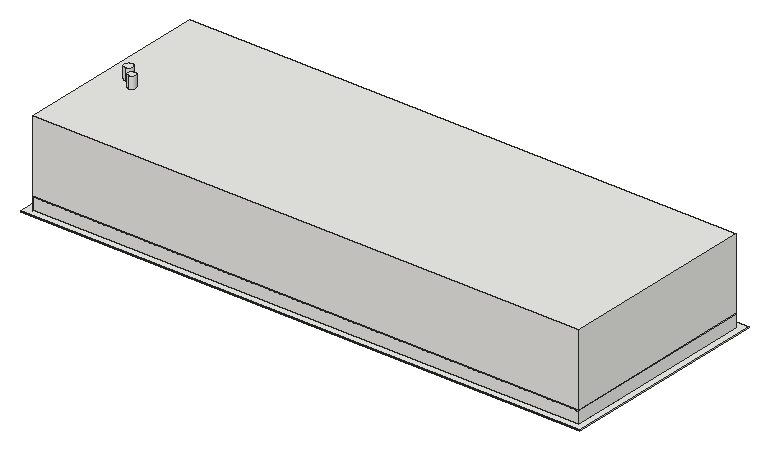
Revit family "AIRTECNICS_AIR CURTAIN_RECESSED WINDBOX_MG_DX-VRF_(MITSUBISHI ELECTRIC)_0", category Mechanical Equipment, Revit 2016
Family settings
  Part Type = Normal
  Round Connector Dimension = Use Diameter
  OmniClass Number = 23.75.70.21.17
  OmniClass Title = Air Curtains
  Work Plane-Based = No
  Always vertical = Yes
  Cut with Voids When Loaded = No
  Shared = No
  Room Calculation Point = No
Parameters (values of type "WINDBOX RECM 2000 DX16-ME")
  · PIPES POSITION · [instance] = "-/ Select Pipes Position /-"  # constant formula
  · OTHERS · [instance] = "-/ Select Supports - Inst.Maint. Space /-"  # constant formula
  · HEATING · = "-/ Heating /-"  # constant formula
  · EXTERNAL UNIT · [instance] = "-/ External Unit Type /-"  # constant formula
  · COIL ROWS · = "-/ DX Coil Rows /-"  # constant formula
  Weight [instance] = size_lookup(Name_Lookup_Data, "Weight", 1.00 kg, CM, CT, CH, CR, CDX)  # 122.00 kg
  Voltage [instance] = 230 V  # constant formula
  URL_Manufacturer = "https://www.airtecnics.com"
  URL_Datasheet = "https://www.airtecnics.com/download/file/5891/recessed-windbox-dx-mitsubishi-electric-1-1-and-vrf.pdf"
  Triple Phase (External Ut.) [instance] = yes
  Supports Length [instance] = 500.0 mm
  Supports (Horizontal) [instance] = no
  Single Phase (External Ut.) [instance] = not([Triple Phase (External Ut.)])  # no
  Revit Version = "Revit 2016 - English"  # constant formula
  Review Date = "11/18"  # constant formula
  Remote Control = "-"  # constant formula
  Refrigerant Pipes_P4 [instance] = no
  Refrigerant Pipes_P3 [instance] = no
  Refrigerant Pipes_P2 [instance] = if(CW = 0, 1 = 1, 1 = 0)  # yes
  Refrigerant Pipes_P1 [instance] = no
  Product Size = if(CT = 2, "1000", if(CT = 4, "1500", if(CT = 8, "2000", if(CT = 16, "2500", if(CT = 32, "3000", "Consult Manufacturer")))))  # "2000"
  Product Reference [instance] = size_lookup(Name_Lookup_Ref, "", "Consult Manufacturer", CM, CT, CH, CR, CDX)  # "RECM 2000 DX16-ME"
  Product Heating [instance] = if(DX 1:1, "Direct Expansion 1:1 system", "Direct Expansion VRF system")  # "Direct Expansion 1:1 system"
  Product Description [instance] = size_lookup(Name_Lookup_Data, "", "Consult Manufacturer", CM, CT, CH, CR, CDX)  # "Energy saving heat pump air curtain: Up to 70% reduction in costs and CO2 emissions (heating mode).\r\nSelf-supporting casing construction made of galvanized steel plate, ready to be installed recessed in a false ceiling. \r\nInlet grille (free of maintenance) made with aluminium profiles and blow-out nozzle, integrated in a single white frame colour RAL 9016. Other colours are available on request.  Internal prefilter included.\r\nAnodized aluminium outlet vanes, airfoil shaped, adjustable in both directions.\r\nDouble-inlet centrifugal fans driven by an external rotor motor and low noise level. 5-speed selector. EC models assembled with very low consumption efficiency fans. \r\nIncludes only heating direct expansion coil with installed temperature sensors. Under request it can be modified to work in cooling and heating mode (not recomended) with optional condensate water pump.\r\nPlug&Play control panel CS-5DX-NE slave DX with 5 speeds selector and 7m telephone cable included.\r\nReady to connect to MITSUBISHI ELECTRIC Standard and Power Inverter outdoor heat pump unit (R410A) with expansion valve, not included, the customer should purchase it.\r\nRequires PAC-IF012B-E MITSUBISHI ELECTRIC DX Interface KIT adapted for air curtain and PAR-33MAA programmable control, please consult.\r\nAir Volume: 3280 m3/h \r\nFans:  0,284 kW  2,48 A 230Vx1 50/60Hz\r\nHeating capacity: 16,00 kW\r\nDimensions: 770x310x2050 mm (depth, height, length)\r\nNOT SUPPLIED BY AIRTÈCNICS:\r\nPAC-IF012B-E Interface DX kit and PAR-33MAA programmable control.\r\nExternal unit:\r\nOption 1: PUHZ-ZRP140VKA\r\nExternal unit with direct expansion valve Mitsubishi Electric, single phase motor 230Vx1 50Hz.\r\nHeating capacity 16kW. Heating power: 4,2kW. COP 3,81.\r\nCooling capacity 13,4kW. Cooling power 4,36kW. EER 3,07.\r\nCooling circuits 5/8\" - 3/8\".\r\nMaximum length 75m.\r\nDesnivell màxim 30m.\r\nOption 2: PUHZ-ZRP140YKA\r\nExternal unit with direct expansion valve Mitsubishi Electric, triple phase motor 400Vx3 50Hz.\r\nHeating capacity 16kW. Heating power: 4,2kW. COP 3,81.\r\nCooling capacity 13,4kW. Cooling power 4,36kW. EER 3,07.\r\nCooling circuits 5/8\" - 3/8\".\r\nMaximum length 75m.\r\nDesnivell màxim 30m."
  Power Fans Factor [instance] = size_lookup(Name_Lookup_Data, "Power Fans Factor", 1, CM, CT, CH, CR, CDX)  # 0.5
  Power Fans [instance] = size_lookup(Name_Lookup_Data, "Power Fans", 1 kW, CM, CT, CH, CR, CDX)  # 0.284 kW
  Noise Level (dB(A)) [instance] = size_lookup(Name_Lookup_Data, "Noise Level (dB(A))", 1, CM, CT, CH, CR, CDX)  # 58
  Name_Lookup_Ref_EU = "R_WINDBOX_MG_(DX)_ME_Ref_EU_Lookup"  # constant formula
  Name_Lookup_Ref = "R_WINDBOX_MG_(DX)_ME_Ref_Lookup"  # constant formula
  Name_Lookup_Data4 = "R_WINDBOX_MG_(DX)_ME_DXkit_Lookup"  # constant formula
  Name_Lookup_Data3 = "R_WINDBOX_MG_(DX)_ME_ExpValve_Lookup"  # constant formula
  Name_Lookup_Data2 = "R_WINDBOX_MG_(DX)_ME_Mainfolds_Lookup"  # constant formula
  Name_Lookup_Data = "R_WINDBOX_MG_(DX)_ME_Data_Lookup"  # constant formula
  Material Inlet Grille [instance] = AIRTECNICS_White RAL 9016
  Material Curtain [instance] = AIRTECNICS_White RAL 9016
  Mainfolds [instance] = size_lookup(Name_Lookup_Data2, "", "Consult Manufacturer", CM, CT, CH, CR, CDX)  # "5/8 & 3/8"
  M = yes
  Length = if(CT = 2, 1050.0 mm, if(CT = 4, 1550.0 mm, if(CT = 8, 2050.0 mm, if(CT = 16, 2550.0 mm, L + 50.0 mm))))  # 2050.0 mm
  IfcExportType = "DXCOOLINGCOIL"  # constant formula
  IfcExportAs = "IfcCoilType"  # constant formula
  Height = 310.0 mm  # constant formula
  Heating Capacity [instance] = size_lookup(Name_Lookup_Data, "Heating Capacity", 1 kW, CM, CT, CH, CR, CDX)  # 16 kW
  Gas Coil Volume [instance] = size_lookup(Name_Lookup_Data, "Gas Coil Volume", 1.00 L, CM, CT, CH, CR, CDX)  # 3.10 L
  G = no
  Frequency = 50 Hz  # constant formula
  Fans Stage = 5  # constant formula
  Family Version = "1.0"  # constant formula
  External Ut. Reference [instance] = size_lookup(Name_Lookup_Ref_EU, "", "Consult Manufacturer", CM, CT, CH, CR, CEU, CDX)  # "PUHZ-ZRP140YKA"
  Expansion Valve [instance] = size_lookup(Name_Lookup_Data3, "", "Consult Manufacturer", CM, CT, CH, CR, CDX)  # "Included on External Unit"
  EC = yes
  Dn_Metric_Refrig_Liquid [instance] = size_lookup(Name_Lookup_Data2, "Dn_Liquid", 1 mm, CM, CT, CH, CR, CDX)  # 10 mm
  Dn_Metric_Refrig_Gas [instance] = size_lookup(Name_Lookup_Data2, "Dn_Gas", 1 mm, CM, CT, CH, CR, CDX)  # 16 mm
  Depth = 770.0 mm  # constant formula
  DX VRF = not(DX 1:1)  # no
  DX Kit [instance] = size_lookup(Name_Lookup_Data4, "", "Consult Manufacturer", CM, CT, CH, CR, CDX)  # "PAC-IF012B-E"
  DX Controller [instance] = "PAR-33MAA"  # constant formula
  DX Coil Rows = 4 = no
  DX Coil Rows = 3 = not([DX Coil Rows = 4])  # yes
  DX Coil Rows [instance] = if(CR = 2, 4, if(CR = 4, 3, if(CR = 0, 2, 0)))  # 3
  DX 1:1 = yes
  Current Fans [instance] = size_lookup(Name_Lookup_Data, "Current Fans", 1 A, CM, CT, CH, CR, CDX)  # 2.48 A
  Created by = "BIMETRICAL"  # constant formula
  Control [instance] = "CS-5DX-NE"  # constant formula
  Capacity_Frig_Liquid [instance] = 0 m³/h
  Capacity_Frig_Gas [instance] = 0 m³/h
  Cable = "CB7"  # constant formula
  URL = "https://www.airtecnics.com/products/heat-pump-air-curtain-recessed-windbox-for-mitsubishi-electric"
  Model = "Air Curtain Recessed Windbox M,G DX/VRF ME"  # constant formula
  L = 2000.0 mm
  Type Image = <None>
  Manufacturer = "AIRTECNICS"  # constant formula
  Description = ""
  Type Comments = "Energy saving heat pump air curtain: Up to 70% reduction in costs and CO2 emissions (heating mode).\r\nSelf-supporting casing construction made of galvanized steel plate, ready to be installed recessed in a false ceiling. \r\nInlet grille (free of maintenance) made with aluminium profiles and blow-out nozzle, integrated in a single white frame colour RAL 9016. Other colours are available on request.  Internal prefilter included.\r\nAnodized aluminium outlet vanes, airfoil shaped, adjustable in both directions.\r\nDouble-inlet centrifugal fans driven by an external rotor motor and low noise level. 5-speed selector. EC models assembled with very low consumption efficiency fans. \r\nIncludes only heating direct expansion coil with installed temperature sensors. Under request it can be modified to work in cooling and heating mode (not recomended) with optional condensate water pump.\r\nPlug&Play control panel CS-5DX-NE slave DX with 5 speeds selector and 7m telephone cable included.\r\nDX 1:1:\r\nReady to connect to MITSUBISHI ELECTRIC Standard and Power Inverter outdoor heat pump unit (R410A) with expansion valve, not included, the customer should purchase it.\r\nRequires  MITSUBISHI ELECTRIC DX Interface KIT adapted for air curtain and  programmable control, please consult.\r\nDX VRF:\r\nReady to connect to MITSUBISHI ELECTRIC VRF outdoor heat pump unit (R410A), not included, the customer should purchase it.\r\nRequires  MITSUBISHI ELECTRIC VRF Interface KIT adapted for air curtain with expansion valve and   programmable control, please consult."  # constant formula
  CW [instance] = if(Refrigerant Pipes_P1, 2, 0) + if(Refrigerant Pipes_P3, 4, 0) + if(Refrigerant Pipes_P4, 8, 0)  # 0
  CT = if(L = 1000.0 mm, 2, 0) + if(L = 1500.0 mm, 4, 0) + if(L = 2000.0 mm, 8, 0) + if(L = 2500.0 mm, 16, 0) + if(L = 3000.0 mm, 32, 0)  # 8
  CR [instance] = if([DX Coil Rows = 4], 2, 0) + if([DX Coil Rows = 3], 4, 0)  # 4
  CM = if(M, 2, 0) + if(EC, 4, 0) + if(G, 8, 0)  # 6
  CH [instance] = if(DX 1:1, 2, 0) + if(DX VRF, 4, 0)  # 2
  CEU [instance] = if([Single Phase (External Ut.)], 2, 0) + if([Triple Phase (External Ut.)], 4, 0)  # 4
  CDX = 0
  BIMETRICAL Category = "Coil"  # constant formula
  BIMETRICAL = "http://www.bimetrical.com/"  # constant formula
  Aspiration/Maintenance Space [instance] = no
  Apparent Load [instance] = size_lookup(Name_Lookup_Data, "Apparent Load", 1 VA, CM, CT, CH, CR, CDX)  # 568 VA
  Airflow [instance] = size_lookup(Name_Lookup_Data, "Airflow", 1 m³/h, CM, CT, CH, CR, CDX)  # 3280 m³/h
Reference planes
  plane 1 "Centro (Frontal/Posterior)": z = 0
  plane 2: y = 246.57
  plane 3 "Centro (Izquierda/Derecha)": x = 0
Nested families
  nested 1: "GEOM_WINDBOX_P_RECESSED_DX" at (0, 130, 48), L <- "L", ViHS <- "Supports (Horizontal)", Support Length <- "Supports Length", Aspiration/Maintenance Space <- "Aspiration/Maintenance Space", CW <- "CW", Material Curtain <- "Material Curtain", Material Inlet Grille <- "Material Inlet Grille", type "Air curtain Recessed Windbox DX"
    with ViHSC no, ViHS no, Vi2 no, Vi1 yes, TI 9, Support Length 500.0 mm, Position Water pipes OUT connection "--------------------------------", Position Water pipes IN connection "--------------------------------", Material Inlet Grille AIRTECNICS_White RAL 9016, Material Curtain AIRTECNICS_White RAL 9016, LiS 760.0 mm, Li9 114.0 mm, Li8 0.0 mm, Li7 52.0 mm, Li6 720.0 mm, Li16 10.0 mm, Li15 10.0 mm, Li14 260.0 mm, Li13 76.0 mm, Li12 0.0 mm, Li11 85.0 mm, Li10 260.0 mm, L 2000.0 mm, D_Liquid 27.0 mm, D_Gas 31.0 mm, CW 0, Aspiration/Maintenance Space no, AnWCO 90.00°, AnWCI 90.00°
Connectors
  electrical at (859, 510.57, 308), driven by "Voltage", driven by "Apparent Load", driven by "Power Fans Factor", driven by "Apparent Load"
    settings: on nested 1, index 1, voltage 230 V, apparent load 568 VA, apparent load phase1 568 VA, apparent load phase2 0 VA, apparent load phase3 0 VA, power factor 0.5, load classification "HVAC", number of poles 1, system type 30, power factor state 1, is connector primary yes, connector utility no, sub classification motor no, connector description ""
  piping at (-924, 231.57, 348), diameter 16, driven by "Dn_Metric_Refrig_Gas", driven by "Capacity_Frig_Gas"
    settings: on nested 1, index 2, connector inside diameter 609.6 mm, connector length 0.0 mm, flow factor 0, pipe flow 0 m³/h, pressure drop 0.0 Pa, fitting loss kfactor 0, connector angle 0.00°, fixture units 0, engagement length 0.0 mm, angle of deflection 0.00°, flow configuration 1, flow direction 1, fitting loss method 0, system type 7, joint type 0, gender type 0, connector reference index -1, connector utility 0, adjustable connector no, is connector primary yes, connector description "(gas) refrigerant connection"
  piping at (-886, 198.57, 348), diameter 10, driven by "Dn_Metric_Refrig_Liquid", driven by "Capacity_Frig_Liquid"
    settings: on nested 1, index 3, connector inside diameter 609.6 mm, connector length 0.0 mm, flow factor 0, pipe flow 0 m³/h, pressure drop 0.0 Pa, fitting loss kfactor 0, connector angle 0.00°, fixture units 0, engagement length 0.0 mm, angle of deflection 0.00°, flow configuration 1, flow direction 2, fitting loss method 0, system type 8, joint type 0, gender type 0, connector reference index -1, connector utility 0, adjustable connector no, is connector primary no, connector description "(liquid) refrigerant connection"
Definition of nested family "GEOM_WINDBOX_P_RECESSED_DX"
  Parameters (values of type "Air curtain Recessed Windbox DX")
    ViHSC [instance] = if(and(ViHS, L > 1000.0 mm), 1 = 1, 1 = 0)  # no
    Vi2 [instance] = if(L = 2500.0 mm, 1 = 1, 1 = 0)  # yes
    Vi1 [instance] = not(Vi2)  # no
    TI [instance] = if(L = 1000.0 mm, 5, if(L = 1500.0 mm, 7, if(L = 2000.0 mm, 9, if(L = 2500.0 mm, 11, L / 200.0 mm))))  # 11
    Name_Lookup_WaterCoils = "R_WINDBOX_MG_DX_(P)_WaterCoil_Lookup"  # constant formula
    Material Outlet Grille = none
    Material II = none
    Material I = none
    Material Inlet Grille [instance] = none
    Li16 [instance] = if(CW = 2, 100.0 mm, 10.0 mm)  # 10.0 mm
    Li15 [instance] = if(CW = 8, 100.0 mm, 10.0 mm)  # 10.0 mm
    Li14 [instance] = size_lookup(Name_Lookup_WaterCoils, "Li14", 260.0 mm, CW)  # 260.0 mm
    Li13 [instance] = if(CW = 4, L - 114.0 mm, if(CW = 2, 1.0 mm, if(CW = 8, L - 1.0 mm, 76.0 mm)))  # 76.0 mm
    Li12 [instance] = size_lookup(Name_Lookup_WaterCoils, "Li12", 0.0 mm, CW)  # 0.0 mm
    Li11 [instance] = size_lookup(Name_Lookup_WaterCoils, "Li11", 85.0 mm, CW)  # 85.0 mm
    D_Liquid [instance] = 27.0 mm  # constant formula
    D_Gas [instance] = 31.0 mm  # constant formula
    CW [instance] = 0
    AnWCO [instance] = size_lookup(Name_Lookup_WaterCoils, "AnWCO", 90.00°, CW)  # 90.00°
    Position Water pipes IN connection [instance] = "--------------------------------"  # constant formula
    Position Water pipes OUT connection [instance] = "--------------------------------"  # constant formula
    ViHS [instance] = no
    Support Length [instance] = 500.0 mm
    AnWCI [instance] = size_lookup(Name_Lookup_WaterCoils, "AnWCI", 90.00°, CW)  # 90.00°
    LiS [instance] = Support Length + 260.0 mm  # 760.0 mm
    Revit Version = "Revit 2016 - English"  # constant formula
    Review Date = "11/18"  # constant formula
    Material Curtain [instance] = none
    Li9 [instance] = if(CW = 4, L - 76.0 mm, if(CW = 2, 1.0 mm, if(CW = 8, L - 1.0 mm, 114.0 mm)))  # 114.0 mm
    Li7 [instance] = size_lookup(Name_Lookup_WaterCoils, "Li7", 52.0 mm, CW)  # 52.0 mm
    Li6 [instance] = Depth  # 720.0 mm
    Li8 [instance] = size_lookup(Name_Lookup_WaterCoils, "Li8", 0.0 mm, CW)  # 0.0 mm
    Li10 [instance] = size_lookup(Name_Lookup_WaterCoils, "Li10", 260.0 mm, CW)  # 260.0 mm
    Family Version = "1.0"  # constant formula
    Depth = 720.0 mm  # constant formula
    Default Elevation = 1219.2 mm
    Created by = "BIMETRICAL"  # constant formula
    URL = "https://www.airtecnics.com/products/heat-pump-and-energy-saving-air-curtains"
    Model = "Air curtain Recessed Windbox DX"  # constant formula
    L [instance] = 2500.0 mm
    Type Image = (empty or 0)
    Manufacturer = "AIRTECNICS"  # constant formula
    Description = "AIRTECNICS_Air curtain Recessed Windbox DX"  # constant formula
    Type Comments = ""
    BIMETRICAL Category = "Fan"  # constant formula
    BIMETRICAL = "http://www.bimetrical.com/"  # constant formula
    Aspiration/Maintenance Space [instance] = no
  Reference planes
    plane 1 "Centro (Frontal/Posterior)": z = 0
    plane 2: y = 246.57
    plane 3 "Centro (Izquierda/Derecha)": x = 0
    plane 4: z = 260
    plane 5: y = 476.57
    plane 6: y = 16.57
    plane 7: x = -1250
    plane 8: x = 1250
    plane 9: x = -1210
    plane 10: x = 1210
    plane 11: y = 442.57
    plane 12: y = 145.57
    plane 13: y = -223.43
    plane 14: x = -1136
    plane 15 "P1-01": y = 68.57
    plane 16 "P1-02": z = 0
    plane 17 "P2-01": x = -1174
    plane 18 "P2-02": z = 0
    plane 19 "P2-03": y = 101.57
    plane 20: y = -243.43
    plane 21: y = 501.57
    plane 22: x = 1275
    plane 23: y = -268.43
    plane 24: z = -48
    plane 25: z = -50
    plane 26: x = 1248
    plane 27: x = -1248
    plane 28: x = -418.5
    plane 29: x = 418.5
    plane 30: x = -1203.5
    plane 31: x = 1203.5
    plane 32: x = -962.8
    plane 33: x = -722.1
    plane 34: x = -481.4
    plane 35: z = -250
    plane 36: y = -241.454
    plane 37: y = -9.53
    plane 38: x = 1335
    plane 39: x = -1425
    plane 40: x = -240.7
    plane 41: x = 0
    plane 42: x = 240.7
    plane 43: x = 481.4
    plane 44: x = 722.1
    plane 45: x = 962.8
  Forms (mm)
    Extrusion 1, solid, material <- "Material Inlet Grille"
      sketch origin (0, 0, -50) x (1, 0, 0) y (0, 1, 0)
        loop
          line (-1250, 476.57) -> (-1250, -243.43) -> (1250, -243.43) -> (1250, 476.57) -> (-1250, 476.57)
      from 0 to 50
    Extrusion 2, void, detail levels medium+fine
      sketch origin (0, 0, -50) x (1, 0, 0) y (0, 1, 0)
        loop
          line (-1249, 474.57) -> (-1249, 387.47) -> (1249, 387.47) -> (1249, 474.57) -> (-1249, 474.57)
      from 0 to 46
    Extrusion 3, solid, material <- "Material Curtain", not visible
      sketch origin (559.734, 0, 0) x (1, 0, 0) y (0, 1, 0)
        loop
          line (613.266, 405.57) -> (485.266, 405.57) -> (485.266, 355.57) -> (613.266, 355.57) -> (613.266, 405.57)
      from 260 to 259
    Extrusion 4, solid, visible <- "ViHS"
      sketch origin (0, 0, 0) x (1, 0, 0) y (0, 1, 0)
        loop
          circle (-1210, 442.57) r 3.375
      from 260 to 760 <- "LiS"
    Extrusion 5, solid, visible <- "ViHSC"
      sketch origin (1185, 0, 0) x (1, 0, 0) y (0, 1, 0)
        loop
          circle (-1185, 442.57) r 3.375
      from 260 to 760 <- "LiS"
    Extrusion 6, solid, visible <- "ViHS"
      sketch origin (2385, 0, 0) x (1, 0, 0) y (0, 1, 0)
        loop
          circle (-1175, 442.57) r 3.375
      from 260 to 760 <- "LiS"
    Extrusion 7, solid, visible <- "ViHSC"
      sketch origin (1185, -240, 0) x (1, 0, 0) y (0, 1, 0)
        loop
          circle (-1185, 385.57) r 3.375
      from 260 to 760 <- "LiS"
    Extrusion 8, solid, visible <- "ViHS"
      sketch origin (2344.293, -280.483, 0) x (1, 0, 0) y (0, 1, 0)
        loop
          circle (-1134.293, 426.053) r 3.375
      from 260 to 760 <- "LiS"
    Extrusion 9, solid, visible <- "ViHS"
      sketch origin (9.293, -280.483, 0) x (1, 0, 0) y (0, 1, 0)
        loop
          circle (-1219.293, 426.053) r 3.375
      from 260 to 760 <- "LiS"
    Extrusion 10, solid, visible <- "Aspiration/Maintenance Space"
      sketch origin (0, 0, -50) x (1, 0, 0) y (0, 1, 0)
        loop
          line (-1250, 476.57) -> (-1250, -243.43) -> (1250, -243.43) -> (1250, 476.57) -> (-1250, 476.57)
      from 310 to 410
    Extrusion 11, solid, visible <- "Aspiration/Maintenance Space"
      sketch origin (230, 246.57, 5) x (1, 0, 0) y (0, 0, 1)
        loop
          line (1020, 255) -> (1020, -53) -> (1030, -53) -> (1030, 255) -> (1020, 255)
      from -230 to 490
    Extrusion 12, solid, visible <- "Aspiration/Maintenance Space"
      sketch origin (-2520, 246.57, 5) x (1, 0, 0) y (0, 0, 1)
        loop
          line (1260, 255) -> (1260, -53) -> (1270, -53) -> (1270, 255) -> (1260, 255)
      from -230 to 490
    Extrusion 13, solid, visible <- "ViHSC"
      sketch origin (1185, -609, 0) x (1, 0, 0) y (0, 1, 0)
        loop
          circle (-1185, 385.57) r 3.375
      from 260 to 760 <- "LiS"
    Extrusion 14, solid, visible <- "ViHS"
      sketch origin (2344.293, -649.483, 0) x (1, 0, 0) y (0, 1, 0)
        loop
          circle (-1134.293, 426.053) r 3.375
      from 260 to 760 <- "LiS"
    Extrusion 15, solid, visible <- "ViHS"
      sketch origin (9.293, -649.483, 0) x (1, 0, 0) y (0, 1, 0)
        loop
          circle (-1219.293, 426.053) r 3.375
      from 260 to 760 <- "LiS"
    Extrusion 16, solid, material <- "Material Curtain"
      sketch origin (-1174, 101.57, 260) x (0, -1, 0) y (1, 0, 0)
        loop
          circle (0, 0) r 15.5
      from 0 to 40
    Extrusion 17, solid, material <- "Material Curtain"
      sketch origin (-1136, 68.57, 260) x (0, -1, 0) y (1, 0, 0)
        loop
          circle (0, 0) r 13.5
      from 0 to 40
    Extrusion 18, solid, material <- "Material Inlet Grille"
      sketch origin (-54.078, -166.435, -50) x (1, 0, 0) y (0, 1, 0)
        loop
          line (-1220.922, -101.996) -> (1329.078, -101.996) -> (1329.078, 668.004) -> (-1220.922, 668.004) -> (-1220.922, -101.996)
        loop
          line (-1195.922, -76.996) -> (1304.078, -76.996) -> (1304.078, 643.004) -> (-1195.922, 643.004) -> (-1195.922, -76.996)
      from 0 to 2
    Sweep 19, void
      path origin (0, 0, -50) x (1, 0, 0) y (0, 1, 0)
        loop
          line (-1250, 476.57) -> (-1250, -243.43) -> (1250, -243.43) -> (1250, 476.57) -> (-1250, 476.57)
      profile origin (0, 476.57, -50) x (0, 1, 0) y (0, 0, 1)
        loop
          line (0, 46) -> (0, 50) -> (-4, 50)
          arc (-4, 50) -> (-1.172, 48.828) -> (0, 46) r 4
    Extrusion 20, solid, material <- "Material Outlet Grille"
      sketch origin (0, 0, 0) x (0, 1, 0) y (0, 0, 1)
        loop
          line (452.413, -27.506) -> (455.591, -46.036)
          arc (455.591, -46.036) -> (457.07, -47.282) -> (458.548, -46.036) r 1.5
          line (458.548, -46.036) -> (461.726, -27.506)
          arc (461.726, -27.506) -> (457.07, -21.982) -> (452.413, -27.506) r 4.725
        loop
          arc (429.342, -46.036) -> (430.82, -47.282) -> (432.299, -46.036) r 1.5
          line (432.299, -46.036) -> (435.477, -27.506)
          arc (435.477, -27.506) -> (430.82, -21.982) -> (426.163, -27.506) r 4.725
          line (426.163, -27.506) -> (429.342, -46.036)
        loop
          arc (409.976, -27.506) -> (405.319, -21.982) -> (400.662, -27.506) r 4.725
          line (400.662, -27.506) -> (403.84, -46.036)
          arc (403.84, -46.036) -> (405.319, -47.282) -> (406.797, -46.036) r 1.5
          line (406.797, -46.036) -> (409.976, -27.506)
      from -1248 to 1248
    Extrusion 21, void, detail levels medium+fine
      sketch origin (0, -484.3, -50) x (1, 0, 0) y (0, 1, 0)
        loop
          line (-1249, 474.77) -> (-1249, 242.846) -> (1249, 242.846) -> (1249, 474.77) -> (-1249, 474.77)
      from 0 to 46
    Extrusion 22, solid, material <- "Material Curtain"
      sketch origin (0, 0, -50) x (1, 0, 0) y (0, 1, 0)
        loop
          line (-1250, 476.57) -> (-1250, -243.43) -> (1250, -243.43) -> (1250, 476.57) -> (-1250, 476.57)
      from 50 to 310
    Extrusion 23, solid, material <- "Material II", visible <- "Vi1"
      sketch origin (0, 0, 0) x (0, 1, 0) y (0, 0, 1)
        loop
          line (474.57, -4) -> (400.57, -4) -> (400.57, -47.504) -> (474.57, -47.504) -> (474.57, -4)
      from -7.5 to 7.5
    Extrusion 24, solid, material <- "Material I"
      sketch origin (1191.816, 0, 0) x (0, 1, 0) y (0, 0, 1)
        loop
          arc (402.126, -44.927) -> (403.13, -46.77) -> (405.096, -47.504) r 3
          line (405.096, -47.504) -> (431.043, -47.504)
          arc (431.043, -47.504) -> (433.022, -46.759) -> (434.017, -44.893) r 3
          line (434.017, -44.893) -> (437.046, -21.725)
          arc (437.046, -21.725) -> (436.086, -18.568) -> (433.08, -17.207) r 4
          line (433.08, -17.207) -> (403.059, -17.207)
          arc (403.059, -17.207) -> (400.04, -18.583) -> (399.098, -21.764) r 4
          line (399.098, -21.764) -> (402.126, -44.927)
      from 53.181 to 56.184
    Extrusion 25, solid, material <- "Material I", visible <- "Vi1"
      sketch origin (-45.681, 0, 0) x (0, 1, 0) y (0, 0, 1)
        loop
          arc (402.126, -44.927) -> (403.13, -46.77) -> (405.096, -47.504) r 3
          line (405.096, -47.504) -> (431.043, -47.504)
          arc (431.043, -47.504) -> (433.022, -46.759) -> (434.017, -44.893) r 3
          line (434.017, -44.893) -> (437.046, -21.725)
          arc (437.046, -21.725) -> (436.086, -18.568) -> (433.08, -17.207) r 4
          line (433.08, -17.207) -> (403.059, -17.207)
          arc (403.059, -17.207) -> (400.04, -18.583) -> (399.098, -21.764) r 4
          line (399.098, -21.764) -> (402.126, -44.927)
      from 53.181 to 56.184
    Extrusion 26, solid, material <- "Material I", visible <- "Vi1"
      sketch origin (-63.684, 0, 0) x (0, 1, 0) y (0, 0, 1)
        loop
          arc (402.126, -44.927) -> (403.13, -46.77) -> (405.096, -47.504) r 3
          line (405.096, -47.504) -> (431.043, -47.504)
          arc (431.043, -47.504) -> (433.022, -46.759) -> (434.017, -44.893) r 3
          line (434.017, -44.893) -> (437.046, -21.725)
          arc (437.046, -21.725) -> (436.086, -18.568) -> (433.08, -17.207) r 4
          line (433.08, -17.207) -> (403.059, -17.207)
          arc (403.059, -17.207) -> (400.04, -18.583) -> (399.098, -21.764) r 4
          line (399.098, -21.764) -> (402.126, -44.927)
      from 53.181 to 56.184
    Extrusion 27, solid, material <- "Material II", visible <- "Vi2", not visible
      sketch origin (0, 0, 0) x (0, 1, 0) y (0, 0, 1)
        loop
          line (474.57, -4) -> (400.57, -4) -> (400.57, -47.504) -> (474.57, -47.504) -> (474.57, -4)
      from -7.5 to 7.5
    Extrusion 28, solid, material <- "Material I", visible <- "Vi2", not visible
      sketch origin (-45.681, 0, 0) x (0, 1, 0) y (0, 0, 1)
        loop
          arc (402.126, -44.927) -> (403.13, -46.77) -> (405.096, -47.504) r 3
          line (405.096, -47.504) -> (431.043, -47.504)
          arc (431.043, -47.504) -> (433.022, -46.759) -> (434.017, -44.893) r 3
          line (434.017, -44.893) -> (437.046, -21.725)
          arc (437.046, -21.725) -> (436.086, -18.568) -> (433.08, -17.207) r 4
          line (433.08, -17.207) -> (403.059, -17.207)
          arc (403.059, -17.207) -> (400.04, -18.583) -> (399.098, -21.764) r 4
          line (399.098, -21.764) -> (402.126, -44.927)
      from 53.181 to 56.184
    Extrusion 29, solid, material <- "Material I", visible <- "Vi2", not visible
      sketch origin (-63.684, 0, 0) x (0, 1, 0) y (0, 0, 1)
        loop
          arc (402.126, -44.927) -> (403.13, -46.77) -> (405.096, -47.504) r 3
          line (405.096, -47.504) -> (431.043, -47.504)
          arc (431.043, -47.504) -> (433.022, -46.759) -> (434.017, -44.893) r 3
          line (434.017, -44.893) -> (437.046, -21.725)
          arc (437.046, -21.725) -> (436.086, -18.568) -> (433.08, -17.207) r 4
          line (433.08, -17.207) -> (403.059, -17.207)
          arc (403.059, -17.207) -> (400.04, -18.583) -> (399.098, -21.764) r 4
          line (399.098, -21.764) -> (402.126, -44.927)
      from 53.181 to 56.184
    Extrusion 30, solid, material <- "Material II", visible <- "Vi2"
      sketch origin (418.5, 0, 0) x (0, 1, 0) y (0, 0, 1)
        loop
          line (474.57, -4) -> (400.57, -4) -> (400.57, -47.504) -> (474.57, -47.504) -> (474.57, -4)
      from -7.5 to 7.5
    Extrusion 31, solid, material <- "Material I", visible <- "Vi2"
      sketch origin (372.819, 0, 0) x (0, 1, 0) y (0, 0, 1)
        loop
          arc (402.126, -44.927) -> (403.13, -46.77) -> (405.096, -47.504) r 3
          line (405.096, -47.504) -> (431.043, -47.504)
          arc (431.043, -47.504) -> (433.022, -46.759) -> (434.017, -44.893) r 3
          line (434.017, -44.893) -> (437.046, -21.725)
          arc (437.046, -21.725) -> (436.086, -18.568) -> (433.08, -17.207) r 4
          line (433.08, -17.207) -> (403.059, -17.207)
          arc (403.059, -17.207) -> (400.04, -18.583) -> (399.098, -21.764) r 4
          line (399.098, -21.764) -> (402.126, -44.927)
      from 53.181 to 56.184
    Extrusion 32, solid, material <- "Material I", visible <- "Vi2"
      sketch origin (354.816, 0, 0) x (0, 1, 0) y (0, 0, 1)
        loop
          arc (402.126, -44.927) -> (403.13, -46.77) -> (405.096, -47.504) r 3
          line (405.096, -47.504) -> (431.043, -47.504)
          arc (431.043, -47.504) -> (433.022, -46.759) -> (434.017, -44.893) r 3
          line (434.017, -44.893) -> (437.046, -21.725)
          arc (437.046, -21.725) -> (436.086, -18.568) -> (433.08, -17.207) r 4
          line (433.08, -17.207) -> (403.059, -17.207)
          arc (403.059, -17.207) -> (400.04, -18.583) -> (399.098, -21.764) r 4
          line (399.098, -21.764) -> (402.126, -44.927)
      from 53.181 to 56.184
    Extrusion 33, solid, visible <- "Vi1", not visible
      sketch origin (1185, 0, 0) x (1, 0, 0) y (0, 1, 0)
        loop
          circle (-1185, 442.57) r 3.375
      from 260 to 760 <- "LiS"
    Extrusion 34, solid, material <- "Material II", visible <- "Vi1", not visible
      sketch origin (0, 0, 0) x (0, 1, 0) y (0, 0, 1)
        loop
          line (474.57, -4) -> (400.57, -4) -> (400.57, -47.504) -> (474.57, -47.504) -> (474.57, -4)
      from -7.5 to 7.5
    Extrusion 35, solid, material <- "Material I", visible <- "Vi1", not visible
      sketch origin (-45.681, 0, 0) x (0, 1, 0) y (0, 0, 1)
        loop
          arc (402.126, -44.927) -> (403.13, -46.77) -> (405.096, -47.504) r 3
          line (405.096, -47.504) -> (431.043, -47.504)
          arc (431.043, -47.504) -> (433.022, -46.759) -> (434.017, -44.893) r 3
          line (434.017, -44.893) -> (437.046, -21.725)
          arc (437.046, -21.725) -> (436.086, -18.568) -> (433.08, -17.207) r 4
          line (433.08, -17.207) -> (403.059, -17.207)
          arc (403.059, -17.207) -> (400.04, -18.583) -> (399.098, -21.764) r 4
          line (399.098, -21.764) -> (402.126, -44.927)
      from 53.181 to 56.184
    Extrusion 36, solid, material <- "Material I", visible <- "Vi1", not visible
      sketch origin (-63.684, 0, 0) x (0, 1, 0) y (0, 0, 1)
        loop
          arc (402.126, -44.927) -> (403.13, -46.77) -> (405.096, -47.504) r 3
          line (405.096, -47.504) -> (431.043, -47.504)
          arc (431.043, -47.504) -> (433.022, -46.759) -> (434.017, -44.893) r 3
          line (434.017, -44.893) -> (437.046, -21.725)
          arc (437.046, -21.725) -> (436.086, -18.568) -> (433.08, -17.207) r 4
          line (433.08, -17.207) -> (403.059, -17.207)
          arc (403.059, -17.207) -> (400.04, -18.583) -> (399.098, -21.764) r 4
          line (399.098, -21.764) -> (402.126, -44.927)
      from 53.181 to 56.184
    Extrusion 37, solid, material <- "Material II", visible <- "Vi2"
      sketch origin (-418.5, 0, 0) x (0, 1, 0) y (0, 0, 1)
        loop
          line (474.57, -4) -> (400.57, -4) -> (400.57, -47.504) -> (474.57, -47.504) -> (474.57, -4)
      from -7.5 to 7.5
    Extrusion 38, solid, material <- "Material I", visible <- "Vi2"
      sketch origin (-464.181, 0, 0) x (0, 1, 0) y (0, 0, 1)
        loop
          arc (402.126, -44.927) -> (403.13, -46.77) -> (405.096, -47.504) r 3
          line (405.096, -47.504) -> (431.043, -47.504)
          arc (431.043, -47.504) -> (433.022, -46.759) -> (434.017, -44.893) r 3
          line (434.017, -44.893) -> (437.046, -21.725)
          arc (437.046, -21.725) -> (436.086, -18.568) -> (433.08, -17.207) r 4
          line (433.08, -17.207) -> (403.059, -17.207)
          arc (403.059, -17.207) -> (400.04, -18.583) -> (399.098, -21.764) r 4
          line (399.098, -21.764) -> (402.126, -44.927)
      from 53.181 to 56.184
    Extrusion 39, solid, material <- "Material I", visible <- "Vi2"
      sketch origin (-482.184, 0, 0) x (0, 1, 0) y (0, 0, 1)
        loop
          arc (402.126, -44.927) -> (403.13, -46.77) -> (405.096, -47.504) r 3
          line (405.096, -47.504) -> (431.043, -47.504)
          arc (431.043, -47.504) -> (433.022, -46.759) -> (434.017, -44.893) r 3
          line (434.017, -44.893) -> (437.046, -21.725)
          arc (437.046, -21.725) -> (436.086, -18.568) -> (433.08, -17.207) r 4
          line (433.08, -17.207) -> (403.059, -17.207)
          arc (403.059, -17.207) -> (400.04, -18.583) -> (399.098, -21.764) r 4
          line (399.098, -21.764) -> (402.126, -44.927)
      from 53.181 to 56.184
    Extrusion 40, solid, material <- "Material Outlet Grille"
      sketch origin (0, -232.43, -85.237) x (1, 0, 0) y (0, 0, 1)
        loop
          circle (-1203.5, 56.137) r 4
      from -222.9 to 5
    Extrusion 41, solid, material <- "Material Outlet Grille"
      sketch origin (2407, -232.43, -85.237) x (1, 0, 0) y (0, 0, 1)
        loop
          circle (-1203.5, 56.137) r 4
      from -222.9 to 5
    Extrusion 42, solid, material <- "Material Outlet Grille"
      sketch origin (240.7, -232.43, -85.237) x (1, 0, 0) y (0, 0, 1)
        loop
          circle (-1203.5, 56.137) r 4
      from -222.9 to 5
    Extrusion 43, solid, material <- "Material Outlet Grille"
      sketch origin (481.4, -232.43, -85.237) x (1, 0, 0) y (0, 0, 1)
        loop
          circle (-1203.5, 56.137) r 4
      from -222.9 to 5
    Extrusion 44, solid, material <- "Material Outlet Grille"
      sketch origin (722.1, -232.43, -85.237) x (1, 0, 0) y (0, 0, 1)
        loop
          circle (-1203.5, 56.137) r 4
      from -222.9 to 5
    Extrusion 45, solid, material <- "Material I"
      sketch origin (-1301.181, 0, 0) x (0, 1, 0) y (0, 0, 1)
        loop
          arc (402.126, -44.927) -> (403.13, -46.77) -> (405.096, -47.504) r 3
          line (405.096, -47.504) -> (431.043, -47.504)
          arc (431.043, -47.504) -> (433.022, -46.759) -> (434.017, -44.893) r 3
          line (434.017, -44.893) -> (437.046, -21.725)
          arc (437.046, -21.725) -> (436.086, -18.568) -> (433.08, -17.207) r 4
          line (433.08, -17.207) -> (403.059, -17.207)
          arc (403.059, -17.207) -> (400.04, -18.583) -> (399.098, -21.764) r 4
          line (399.098, -21.764) -> (402.126, -44.927)
      from 53.181 to 56.184
    Extrusion 46, solid, material <- "Material Inlet Grille"
      sketch origin (0, -150, 0) x (0, 1, 0) y (0, 0, 1)
        loop
          line (136.77, -33.656) -> (122.009, -45.189)
          arc (122.009, -45.189) -> (118.063, -47.263) -> (113.64, -47.821) r 12.5
          line (113.64, -47.821) -> (113.57, -49.119)
          arc (113.57, -49.119) -> (118.453, -48.503) -> (122.809, -46.213) r 13.8
          line (122.809, -46.213) -> (137.57, -34.681)
          arc (137.57, -34.681) -> (138.306, -33.772) -> (138.57, -32.632) r 2.6
          line (138.57, -32.632) -> (138.57, -23.9) -> (137.27, -23.9) -> (137.27, -32.632)
          arc (137.27, -32.632) -> (137.138, -33.202) -> (136.77, -33.656) r 1.3
        loop
          line (111.77, -33.656) -> (97.009, -45.189)
          arc (97.009, -45.189) -> (93.063, -47.263) -> (88.64, -47.821) r 12.5
          line (88.64, -47.821) -> (88.57, -49.119)
          arc (88.57, -49.119) -> (93.453, -48.503) -> (97.809, -46.213) r 13.8
          line (97.809, -46.213) -> (112.57, -34.681)
          arc (112.57, -34.681) -> (113.306, -33.772) -> (113.57, -32.632) r 2.6
          line (113.57, -32.632) -> (113.57, -23.9) -> (112.27, -23.9) -> (112.27, -32.632)
          arc (112.27, -32.632) -> (112.138, -33.202) -> (111.77, -33.656) r 1.3
        loop
          line (89.52, -33.656) -> (74.759, -45.189)
          arc (74.759, -45.189) -> (70.813, -47.263) -> (66.39, -47.821) r 12.5
          line (66.39, -47.821) -> (66.32, -49.119)
          arc (66.32, -49.119) -> (71.203, -48.503) -> (75.559, -46.213) r 13.8
          line (75.559, -46.213) -> (90.32, -34.681)
          arc (90.32, -34.681) -> (91.056, -33.772) -> (91.32, -32.632) r 2.6
          line (91.32, -32.632) -> (91.32, -23.9) -> (90.02, -23.9) -> (90.02, -32.632)
          arc (90.02, -32.632) -> (89.888, -33.202) -> (89.52, -33.656) r 1.3
        loop
          line (67.27, -33.656) -> (52.509, -45.189)
          arc (52.509, -45.189) -> (48.563, -47.263) -> (44.14, -47.821) r 12.5
          line (44.14, -47.821) -> (44.07, -49.119)
          arc (44.07, -49.119) -> (48.953, -48.503) -> (53.309, -46.213) r 13.8
          line (53.309, -46.213) -> (68.07, -34.681)
          arc (68.07, -34.681) -> (68.806, -33.772) -> (69.07, -32.632) r 2.6
          line (69.07, -32.632) -> (69.07, -23.9) -> (67.77, -23.9) -> (67.77, -32.632)
          arc (67.77, -32.632) -> (67.638, -33.202) -> (67.27, -33.656) r 1.3
        loop
          line (45.02, -33.656) -> (30.259, -45.189)
          arc (30.259, -45.189) -> (26.313, -47.263) -> (21.89, -47.821) r 12.5
          line (21.89, -47.821) -> (21.82, -49.119)
          arc (21.82, -49.119) -> (26.703, -48.503) -> (31.059, -46.213) r 13.8
          line (31.059, -46.213) -> (45.82, -34.681)
          arc (45.82, -34.681) -> (46.556, -33.772) -> (46.82, -32.632) r 2.6
          line (46.82, -32.632) -> (46.82, -23.9) -> (45.52, -23.9) -> (45.52, -32.632)
          arc (45.52, -32.632) -> (45.388, -33.202) -> (45.02, -33.656) r 1.3
        loop
          line (22.77, -33.656) -> (8.009, -45.189)
          arc (8.009, -45.189) -> (4.063, -47.263) -> (-0.36, -47.821) r 12.5
          line (-0.36, -47.821) -> (-0.43, -49.119)
          arc (-0.43, -49.119) -> (4.453, -48.503) -> (8.809, -46.213) r 13.8
          line (8.809, -46.213) -> (23.57, -34.681)
          arc (23.57, -34.681) -> (24.306, -33.772) -> (24.57, -32.632) r 2.6
          line (24.57, -32.632) -> (24.57, -23.9) -> (23.27, -23.9) -> (23.27, -32.632)
          arc (23.27, -32.632) -> (23.138, -33.202) -> (22.77, -33.656) r 1.3
        loop
          line (2.32, -32.632) -> (2.32, -23.9) -> (1.02, -23.9) -> (1.02, -32.632)
          arc (1.02, -32.632) -> (0.888, -33.202) -> (0.52, -33.656) r 1.3
          line (0.52, -33.656) -> (-14.241, -45.189)
          arc (-14.241, -45.189) -> (-18.187, -47.263) -> (-22.61, -47.821) r 12.5
          line (-22.61, -47.821) -> (-22.68, -49.119)
          arc (-22.68, -49.119) -> (-17.797, -48.503) -> (-13.441, -46.213) r 13.8
          line (-13.441, -46.213) -> (1.32, -34.681)
          arc (1.32, -34.681) -> (2.056, -33.772) -> (2.32, -32.632) r 2.6
        loop
          line (-21.73, -33.656) -> (-36.491, -45.189)
          arc (-36.491, -45.189) -> (-40.437, -47.263) -> (-44.86, -47.821) r 12.5
          line (-44.86, -47.821) -> (-44.93, -49.119)
          arc (-44.93, -49.119) -> (-40.047, -48.503) -> (-35.691, -46.213) r 13.8
          line (-35.691, -46.213) -> (-20.93, -34.681)
          arc (-20.93, -34.681) -> (-20.194, -33.772) -> (-19.93, -32.632) r 2.6
          line (-19.93, -32.632) -> (-19.93, -23.9) -> (-21.23, -23.9) -> (-21.23, -32.632)
          arc (-21.23, -32.632) -> (-21.362, -33.202) -> (-21.73, -33.656) r 1.3
        loop
          line (-43.98, -33.656) -> (-58.741, -45.189)
          arc (-58.741, -45.189) -> (-62.687, -47.263) -> (-67.11, -47.821) r 12.5
          line (-67.11, -47.821) -> (-67.18, -49.119)
          arc (-67.18, -49.119) -> (-62.297, -48.503) -> (-57.941, -46.213) r 13.8
          line (-57.941, -46.213) -> (-43.18, -34.681)
          arc (-43.18, -34.681) -> (-42.444, -33.772) -> (-42.18, -32.632) r 2.6
          line (-42.18, -32.632) -> (-42.18, -23.9) -> (-43.48, -23.9) -> (-43.48, -32.632)
          arc (-43.48, -32.632) -> (-43.612, -33.202) -> (-43.98, -33.656) r 1.3
        loop
          line (-66.23, -33.656) -> (-80.991, -45.189)
          arc (-80.991, -45.189) -> (-84.937, -47.263) -> (-89.36, -47.821) r 12.5
          line (-89.36, -47.821) -> (-89.43, -49.119)
          arc (-89.43, -49.119) -> (-84.547, -48.503) -> (-80.191, -46.213) r 13.8
          line (-80.191, -46.213) -> (-65.43, -34.681)
          arc (-65.43, -34.681) -> (-64.694, -33.772) -> (-64.43, -32.632) r 2.6
          line (-64.43, -32.632) -> (-64.43, -23.9) -> (-65.73, -23.9) -> (-65.73, -32.632)
          arc (-65.73, -32.632) -> (-65.862, -33.202) -> (-66.23, -33.656) r 1.3
      from -1248 to 1248
    Extrusion 47, solid, visible <- "Aspiration/Maintenance Space"
      sketch origin (0, 0, -590) x (1, 0, 0) y (0, 1, 0)
        loop
          line (-1248, -9.53) -> (-1248, -241.454) -> (1248, -241.454) -> (1248, -9.53) -> (-1248, -9.53)
      from 340 to 540
    Extrusion 48, solid, material <- "Material Outlet Grille"
      sketch origin (962.8, -232.43, -85.237) x (1, 0, 0) y (0, 0, 1)
        loop
          circle (-1203.5, 56.137) r 4
      from -222.9 to 5
    Extrusion 49, solid, material <- "Material Outlet Grille"
      sketch origin (1203.5, -232.43, -85.237) x (1, 0, 0) y (0, 0, 1)
        loop
          circle (-1203.5, 56.137) r 4
      from -222.9 to 5
    Extrusion 50, solid, material <- "Material Outlet Grille"
      sketch origin (1444.2, -232.43, -85.237) x (1, 0, 0) y (0, 0, 1)
        loop
          circle (-1203.5, 56.137) r 4
      from -222.9 to 5
    Extrusion 51, solid, material <- "Material Outlet Grille"
      sketch origin (1684.9, -232.43, -85.237) x (1, 0, 0) y (0, 0, 1)
        loop
          circle (-1203.5, 56.137) r 4
      from -222.9 to 5
    Extrusion 52, solid, material <- "Material Outlet Grille"
      sketch origin (1925.6, -232.43, -85.237) x (1, 0, 0) y (0, 0, 1)
        loop
          circle (-1203.5, 56.137) r 4
      from -222.9 to 5
    Extrusion 53, solid, material <- "Material Outlet Grille"
      sketch origin (2166.3, -232.43, -85.237) x (1, 0, 0) y (0, 0, 1)
        loop
          circle (-1203.5, 56.137) r 4
      from -222.9 to 5
  Cuts and joins
    Extrusion 2, Sweep 19, Extrusion 21 cuts Extrusion 1
    Extrusion 21 cuts Extrusion 18
    joined: Extrusion 1, Extrusion 18
  Lines and regions (mm)
    reference lines
      curve 1: line (-1136, 68.57, 0) -> (-1136, 68.57, 260)
      curve 2: line (-1174, 101.57, 0) -> (-1174, 101.57, 260)
  Dimensions and locks
    locked: plane 4 to plane 1 "Centro (Frontal/Posterior)" at 260
    equal spacing: plane 7, plane 3 "Centro (Izquierda/Derecha)", plane 8
    equal spacing: plane 5, plane 2, plane 6
    "L": plane 7 to plane 8
    locked: plane 5 to plane 6 at 460
    plane 1 "Centro (Frontal/Posterior)" to cut or joined group of Extrusion 1, Extrusion 2, Extrusion 18, Sweep 19, Extrusion 21 = 4.0 mm
    locked: plane 7 to plane 9 at 40
    locked: plane 10 to plane 8 at 40
    plane 5 to Extrusion 2 sketch curve = 2.0 mm
    Extrusion 2 sketch curve to plane 8 = 1.0 mm
    plane 7 to Extrusion 2 sketch curve = 1.0 mm
    "Li6": plane 5 to Extrusion 1 sketch curve
    Extrusion 3 sketch curve to plane 8 = 77.0 mm
    plane 5 to Extrusion 3 sketch curve = 71.0 mm
    Extrusion 3 sketch curve to Extrusion 3 sketch curve = 50.0 mm
    Extrusion 3 sketch curve to Extrusion 3 sketch curve = 128.0 mm
    locked: plane 5 to plane 11 at 34
    plane 5 to Extrusion 10 sketch curve = 720.0 mm
    locked: Extrusion 10 to plane 4 at 100
    Extrusion 11 sketch curve to Extrusion 11 sketch curve = 308.0 mm
    Extrusion 12 sketch curve to Extrusion 12 sketch curve = 308.0 mm
    "Li16": Extrusion 12 to Extrusion 12
    "Depth": plane 5 to Extrusion 11
    "Depth": plane 5 to Extrusion 12
    locked: plane 6 to plane 12 at 129
    locked: plane 12 to plane 13 at 369
    "Li9": plane 7 to plane 14
    "Li7": plane 15 "P1-01" to plane 6
    "Li8": plane 1 "Centro (Frontal/Posterior)" to plane 16 "P1-02"
    "Li10": curve 1 to curve 1
    "Li13": plane 7 to plane 17 "P2-01"
    "Li11": plane 19 "P2-03" to plane 6
    "Li12": plane 1 "Centro (Frontal/Posterior)" to plane 18 "P2-02"
    "Li14": curve 2 to curve 2
    locked: plane 6 to plane 20 at 260
    locked: plane 21 to plane 5 at 25
    locked: plane 8 to plane 22 at 25
    locked: plane 20 to plane 23 at 25
    locked: plane 24 to plane 25 at 2
    locked: plane 24 to plane 1 "Centro (Frontal/Posterior)" at 48
    locked: Extrusion 20 to plane 25 at 3.964
    locked: plane 21 to Extrusion 20 at 97.729
    locked: plane 26 to plane 8 at 2
    locked: plane 7 to plane 27 at 2
    locked: Extrusion 24 to plane 26 at 3.003
    equal spacing: Extrusion 23, plane 3 "Centro (Izquierda/Derecha)", Extrusion 23
    equal spacing: plane 28, plane 3 "Centro (Izquierda/Derecha)", plane 29
    locked: plane 28 to plane 3 "Centro (Izquierda/Derecha)" at 418.5
    locked: plane 28 to Extrusion 37 at 7.5
    locked: plane 29 to Extrusion 30 at 7.5
    equal spacing: group 5, group 7, group 8, group 9, group 10, group 11, group 12, group 13, group 14, group 15, group 6  (x3)
    locked: plane 31 to plane 22 at 71.5
    locked: plane 27 to Extrusion 45 at 3.003
    plane 25 to plane 35 = 200.0 mm
    locked: plane 37 to plane 6 at 26.1
    locked: plane 20 to plane 36 at 1.976
    "Li15": plane 8 to Extrusion 11
    locked: plane 30 to plane 7 at 46.5
    radius of Extrusion 4 sketch curve = 3.375 mm
    radius of Extrusion 5 sketch curve = 3.375 mm
    radius of Extrusion 6 sketch curve = 3.375 mm
    radius of Extrusion 7 sketch curve = 3.375 mm
    radius of Extrusion 8 sketch curve = 3.375 mm
    radius of Extrusion 9 sketch curve = 3.375 mm
    radius of Extrusion 13 sketch curve = 3.375 mm
    radius of Extrusion 14 sketch curve = 3.375 mm
    radius of Extrusion 15 sketch curve = 3.375 mm
    "D_Liquid": diameter of Extrusion 17 sketch curve
    "D_Gas": diameter of Extrusion 16 sketch curve
    radius of Sweep 19 sketch curve = 4.0 mm
    radius of Extrusion 33 sketch curve = 3.375 mm
    radius of Extrusion 40 sketch curve = 4.0 mm
    radius of Extrusion 41 sketch curve = 4.0 mm
    radius of Extrusion 42 sketch curve = 4.0 mm
    radius of Extrusion 43 sketch curve = 4.0 mm
    radius of Extrusion 44 sketch curve = 4.0 mm
    radius of Extrusion 48 sketch curve = 4.0 mm
    radius of Extrusion 49 sketch curve = 4.0 mm
    radius of Extrusion 50 sketch curve = 4.0 mm
    radius of Extrusion 51 sketch curve = 4.0 mm
    radius of Extrusion 52 sketch curve = 4.0 mm
    radius of Extrusion 53 sketch curve = 4.0 mm
    "AnWCI": angle curve 1 to plane 16 "P1-02"
    "AnWCO": angle curve 2 to plane 18 "P2-02"
    aligned and locked: Extrusion 1 sketch curve to plane 5
    aligned and locked: plane 7 to Extrusion 1 sketch curve
    aligned and locked: plane 8 to Extrusion 1 sketch curve
    aligned and locked: Extrusion 4 to plane 4
    aligned and locked: plane 9 to Extrusion 4 sketch curve
    aligned and locked: plane 10 to Extrusion 6 sketch curve
    aligned and locked: plane 11 to Extrusion 6 sketch curve
    aligned and locked: plane 9 to Extrusion 9 sketch curve
    aligned and locked: plane 12 to Extrusion 9 sketch curve
    aligned and locked: plane 12 to Extrusion 7 sketch curve
    aligned and locked: plane 10 to Extrusion 8 sketch curve
    aligned and locked: plane 12 to Extrusion 8 sketch curve
    aligned and locked: Extrusion 6 to plane 4
    aligned and locked: Extrusion 8 to plane 4
    aligned and locked: Extrusion 5 to plane 4
    aligned and locked: Extrusion 7 to plane 4
    aligned and locked: Extrusion 9 to plane 4
    aligned and locked: Extrusion 10 sketch curve to plane 5
    aligned and locked: plane 7 to Extrusion 10 sketch curve
    aligned and locked: plane 8 to Extrusion 10 sketch curve
    aligned and locked: Extrusion 10 to plane 4
    aligned and locked: plane 4 to Extrusion 11
    aligned and locked: plane 8 to Extrusion 11
    aligned and locked: plane 5 to Extrusion 11
    aligned and locked: plane 4 to Extrusion 12
    aligned and locked: plane 7 to Extrusion 12
    aligned and locked: plane 5 to Extrusion 12
    aligned and locked: plane 13 to Extrusion 14 sketch curve
    aligned and locked: plane 10 to Extrusion 14 sketch curve
    aligned and locked: plane 13 to Extrusion 13 sketch curve
    aligned and locked: plane 3 "Centro (Izquierda/Derecha)" to Extrusion 13 sketch curve
    aligned and locked: plane 9 to Extrusion 15 sketch curve
    aligned and locked: plane 13 to Extrusion 15 sketch curve
    aligned and locked: Extrusion 14 to plane 4
    aligned and locked: Extrusion 13 to plane 4
    aligned and locked: Extrusion 15 to plane 4
    aligned and locked: plane 16 "P1-02" to curve 1
    aligned and locked: plane 14 to curve 1
    aligned and locked: plane 18 "P2-02" to curve 2
    aligned and locked: plane 17 "P2-01" to curve 2
    aligned and locked: Extrusion 10 to plane 20
    aligned and locked: cut or joined group of Extrusion 1, Extrusion 2, Extrusion 18, Sweep 19, Extrusion 21 to plane 20
    aligned and locked: Extrusion 18 sketch curve to plane 23
    aligned and locked: plane 21 to Extrusion 18 sketch curve
    aligned and locked: Extrusion 18 sketch curve to plane 22
    aligned and locked: Extrusion 18 sketch curve to plane 8
    aligned and locked: plane 5 to Extrusion 18 sketch curve
    aligned and locked: Extrusion 18 sketch curve to plane 20
    aligned and locked: Extrusion 18 sketch curve to plane 7
    aligned and locked: plane 24 to Extrusion 18
    aligned and locked: Extrusion 12 to plane 24
    aligned and locked: Extrusion 11 to plane 24
    aligned and locked: level to plane 25
    aligned and locked: cut or joined group of Extrusion 1, Extrusion 2, Extrusion 18, Sweep 19, Extrusion 21 to level
    aligned and locked: cut or joined group of Extrusion 1, Extrusion 2, Extrusion 18, Sweep 19, Extrusion 21 to plane 25
    aligned and locked: plane 7 to Sweep 19 sketch curve
    aligned and locked: plane 20 to Sweep 19 sketch curve
    aligned and locked: Sweep 19 sketch curve to plane 5  (x2)
    aligned and locked: plane 8 to Sweep 19 sketch curve
    aligned and locked: plane 1 "Centro (Frontal/Posterior)" to Sweep 19 sketch curve
    aligned and locked: Extrusion 20 to plane 26
    aligned and locked: Extrusion 20 to plane 27
    aligned and locked: cut or joined group of Extrusion 1, Extrusion 2, Extrusion 18, Sweep 19, Extrusion 21 to plane 1 "Centro (Frontal/Posterior)"
    aligned and locked: plane 8 to Extrusion 22 sketch curve
    aligned and locked: Extrusion 22 sketch curve to plane 5
    aligned and locked: plane 7 to Extrusion 22 sketch curve
    aligned and locked: plane 20 to Extrusion 22 sketch curve
    aligned and locked: plane 4 to Extrusion 22
    aligned and locked: plane 1 "Centro (Frontal/Posterior)" to Extrusion 22
    aligned and locked: Extrusion 24 to plane 26
    aligned and locked: plane 30 to Extrusion 40 sketch curve
    aligned and locked: plane 31 to Extrusion 41 sketch curve
    aligned and locked: plane 32 to Extrusion 42 sketch curve
    aligned and locked: plane 33 to Extrusion 43 sketch curve
    aligned and locked: plane 34 to Extrusion 44 sketch curve
    aligned and locked: Extrusion 45 to plane 27
    aligned and locked: Extrusion 46 to plane 26
    aligned and locked: Extrusion 46 to plane 27
    aligned and locked: plane 25 to Extrusion 47
    aligned and locked: Extrusion 47 to plane 35
    aligned and locked: Extrusion 47 to cut or joined group of Extrusion 1, Extrusion 2, Extrusion 18, Sweep 19, Extrusion 21
    aligned and locked: Extrusion 47 to plane 27
    aligned and locked: Extrusion 47 to plane 26
    aligned and locked: plane 37 to cut or joined group of Extrusion 1, Extrusion 2, Extrusion 18, Sweep 19, Extrusion 21
    aligned and locked: plane 36 to Extrusion 21 sketch curve
    aligned and locked: Extrusion 21 sketch curve to plane 37
    aligned and locked: plane 40 to Extrusion 48 sketch curve
    aligned and locked: plane 41 to Extrusion 49 sketch curve
    aligned and locked: plane 42 to Extrusion 50 sketch curve
    aligned and locked: plane 43 to Extrusion 51 sketch curve
    aligned and locked: plane 44 to Extrusion 52 sketch curve
    aligned and locked: plane 45 to Extrusion 53 sketch curve
  Automatic sketch dimensions
    Extrusion 25 sketch curve to Extrusion 25 sketch curve = 3.028 mm
    Extrusion 25 sketch curve to Extrusion 25 sketch curve = 3.961 mm
    Extrusion 25 sketch curve to Extrusion 25 sketch curve = 2.97 mm
    Extrusion 25 sketch curve to Extrusion 25 sketch curve = 2.975 mm
    Extrusion 25 sketch curve to Extrusion 25 sketch curve = 0.557 mm
    Extrusion 25 sketch curve to Extrusion 25 sketch curve = 4.0 mm
    Extrusion 25 sketch curve to Extrusion 25 sketch curve = 3.966 mm
    Extrusion 25 sketch curve to Extrusion 25 sketch curve = 0.0 mm  (x2)
    Extrusion 26 sketch curve to Extrusion 26 sketch curve = 3.028 mm
    Extrusion 26 sketch curve to Extrusion 26 sketch curve = 3.961 mm
    Extrusion 26 sketch curve to Extrusion 26 sketch curve = 2.97 mm
    Extrusion 26 sketch curve to Extrusion 26 sketch curve = 2.975 mm
    Extrusion 26 sketch curve to Extrusion 26 sketch curve = 0.557 mm
    Extrusion 26 sketch curve to Extrusion 26 sketch curve = 4.0 mm
    Extrusion 26 sketch curve to Extrusion 26 sketch curve = 3.966 mm
    Extrusion 26 sketch curve to Extrusion 26 sketch curve = 0.0 mm  (x2)
    Extrusion 25 sketch curve to Extrusion 25 sketch curve = 25.946 mm
    Extrusion 25 sketch curve to Extrusion 25 sketch curve = 2.037 mm
    Extrusion 25 sketch curve to Extrusion 25 sketch curve = 2.578 mm
    Extrusion 25 sketch curve to Extrusion 25 sketch curve = 2.611 mm
    Extrusion 25 sketch curve to Extrusion 25 sketch curve = 23.162 mm
    Extrusion 26 sketch curve to Extrusion 26 sketch curve = 25.946 mm
    Extrusion 26 sketch curve to Extrusion 26 sketch curve = 2.037 mm
    Extrusion 26 sketch curve to Extrusion 26 sketch curve = 2.578 mm
    Extrusion 26 sketch curve to Extrusion 26 sketch curve = 2.611 mm
    Extrusion 26 sketch curve to Extrusion 26 sketch curve = 23.162 mm
    Extrusion 28 sketch curve to Extrusion 28 sketch curve = 3.028 mm
    Extrusion 28 sketch curve to Extrusion 28 sketch curve = 3.961 mm
    Extrusion 28 sketch curve to Extrusion 28 sketch curve = 2.97 mm
    Extrusion 28 sketch curve to Extrusion 28 sketch curve = 2.975 mm
    Extrusion 28 sketch curve to Extrusion 28 sketch curve = 0.557 mm
    Extrusion 28 sketch curve to Extrusion 28 sketch curve = 4.0 mm
    Extrusion 28 sketch curve to Extrusion 28 sketch curve = 3.966 mm
    Extrusion 28 sketch curve to Extrusion 28 sketch curve = 0.0 mm  (x2)
    Extrusion 29 sketch curve to Extrusion 29 sketch curve = 3.028 mm
    Extrusion 29 sketch curve to Extrusion 29 sketch curve = 3.961 mm
    Extrusion 29 sketch curve to Extrusion 29 sketch curve = 2.97 mm
    Extrusion 29 sketch curve to Extrusion 29 sketch curve = 2.975 mm
    Extrusion 29 sketch curve to Extrusion 29 sketch curve = 0.557 mm
    Extrusion 29 sketch curve to Extrusion 29 sketch curve = 4.0 mm
    Extrusion 29 sketch curve to Extrusion 29 sketch curve = 3.966 mm
    Extrusion 29 sketch curve to Extrusion 29 sketch curve = 0.0 mm  (x2)
    Extrusion 28 sketch curve to Extrusion 28 sketch curve = 25.946 mm
    Extrusion 28 sketch curve to Extrusion 28 sketch curve = 2.037 mm
    Extrusion 28 sketch curve to Extrusion 28 sketch curve = 2.578 mm
    Extrusion 28 sketch curve to Extrusion 28 sketch curve = 2.611 mm
    Extrusion 28 sketch curve to Extrusion 28 sketch curve = 23.162 mm
    Extrusion 29 sketch curve to Extrusion 29 sketch curve = 25.946 mm
    Extrusion 29 sketch curve to Extrusion 29 sketch curve = 2.037 mm
    Extrusion 29 sketch curve to Extrusion 29 sketch curve = 2.578 mm
    Extrusion 29 sketch curve to Extrusion 29 sketch curve = 2.611 mm
    Extrusion 29 sketch curve to Extrusion 29 sketch curve = 23.162 mm
    Extrusion 31 sketch curve to Extrusion 31 sketch curve = 3.028 mm
    Extrusion 31 sketch curve to Extrusion 31 sketch curve = 3.961 mm
    Extrusion 31 sketch curve to Extrusion 31 sketch curve = 2.97 mm
    Extrusion 31 sketch curve to Extrusion 31 sketch curve = 2.975 mm
    Extrusion 31 sketch curve to Extrusion 31 sketch curve = 0.557 mm
    Extrusion 31 sketch curve to Extrusion 31 sketch curve = 4.0 mm
    Extrusion 31 sketch curve to Extrusion 31 sketch curve = 3.966 mm
    Extrusion 31 sketch curve to Extrusion 31 sketch curve = 0.0 mm  (x2)
    Extrusion 32 sketch curve to Extrusion 32 sketch curve = 3.028 mm
    Extrusion 32 sketch curve to Extrusion 32 sketch curve = 3.961 mm
    Extrusion 32 sketch curve to Extrusion 32 sketch curve = 2.97 mm
    Extrusion 32 sketch curve to Extrusion 32 sketch curve = 2.975 mm
    Extrusion 32 sketch curve to Extrusion 32 sketch curve = 0.557 mm
    Extrusion 32 sketch curve to Extrusion 32 sketch curve = 4.0 mm
    Extrusion 32 sketch curve to Extrusion 32 sketch curve = 3.966 mm
    Extrusion 32 sketch curve to Extrusion 32 sketch curve = 0.0 mm  (x2)
    Extrusion 31 sketch curve to Extrusion 31 sketch curve = 25.946 mm
    Extrusion 31 sketch curve to Extrusion 31 sketch curve = 2.037 mm
    Extrusion 31 sketch curve to Extrusion 31 sketch curve = 2.578 mm
    Extrusion 31 sketch curve to Extrusion 31 sketch curve = 2.611 mm
    Extrusion 31 sketch curve to Extrusion 31 sketch curve = 23.162 mm
    Extrusion 32 sketch curve to Extrusion 32 sketch curve = 25.946 mm
    Extrusion 32 sketch curve to Extrusion 32 sketch curve = 2.037 mm
    Extrusion 32 sketch curve to Extrusion 32 sketch curve = 2.578 mm
    Extrusion 32 sketch curve to Extrusion 32 sketch curve = 2.611 mm
    Extrusion 32 sketch curve to Extrusion 32 sketch curve = 23.162 mm
    Extrusion 23 sketch curve to Extrusion 23 sketch curve = 74.0 mm
    Extrusion 23 sketch curve to Extrusion 23 sketch curve = 43.504 mm
    Extrusion 35 sketch curve to Extrusion 35 sketch curve = 3.028 mm
    Extrusion 35 sketch curve to Extrusion 35 sketch curve = 3.961 mm
    Extrusion 35 sketch curve to Extrusion 35 sketch curve = 2.97 mm
    Extrusion 35 sketch curve to Extrusion 35 sketch curve = 2.975 mm
    Extrusion 35 sketch curve to Extrusion 35 sketch curve = 0.557 mm
    Extrusion 35 sketch curve to Extrusion 35 sketch curve = 4.0 mm
    Extrusion 35 sketch curve to Extrusion 35 sketch curve = 3.966 mm
    Extrusion 35 sketch curve to Extrusion 35 sketch curve = 0.0 mm  (x2)
    Extrusion 36 sketch curve to Extrusion 36 sketch curve = 3.028 mm
    Extrusion 36 sketch curve to Extrusion 36 sketch curve = 3.961 mm
    Extrusion 36 sketch curve to Extrusion 36 sketch curve = 2.97 mm
    Extrusion 36 sketch curve to Extrusion 36 sketch curve = 2.975 mm
    Extrusion 36 sketch curve to Extrusion 36 sketch curve = 0.557 mm
    Extrusion 36 sketch curve to Extrusion 36 sketch curve = 4.0 mm
    Extrusion 36 sketch curve to Extrusion 36 sketch curve = 3.966 mm
    Extrusion 36 sketch curve to Extrusion 36 sketch curve = 0.0 mm  (x2)
    Extrusion 35 sketch curve to Extrusion 35 sketch curve = 25.946 mm
    Extrusion 35 sketch curve to Extrusion 35 sketch curve = 2.037 mm
    Extrusion 35 sketch curve to Extrusion 35 sketch curve = 2.578 mm
    Extrusion 35 sketch curve to Extrusion 35 sketch curve = 2.611 mm
    Extrusion 35 sketch curve to Extrusion 35 sketch curve = 23.162 mm
    Extrusion 36 sketch curve to Extrusion 36 sketch curve = 25.946 mm
    Extrusion 36 sketch curve to Extrusion 36 sketch curve = 2.037 mm
    Extrusion 36 sketch curve to Extrusion 36 sketch curve = 2.578 mm
    Extrusion 36 sketch curve to Extrusion 36 sketch curve = 2.611 mm
    Extrusion 36 sketch curve to Extrusion 36 sketch curve = 23.162 mm
    Extrusion 34 sketch curve to Extrusion 34 sketch curve = 74.0 mm
